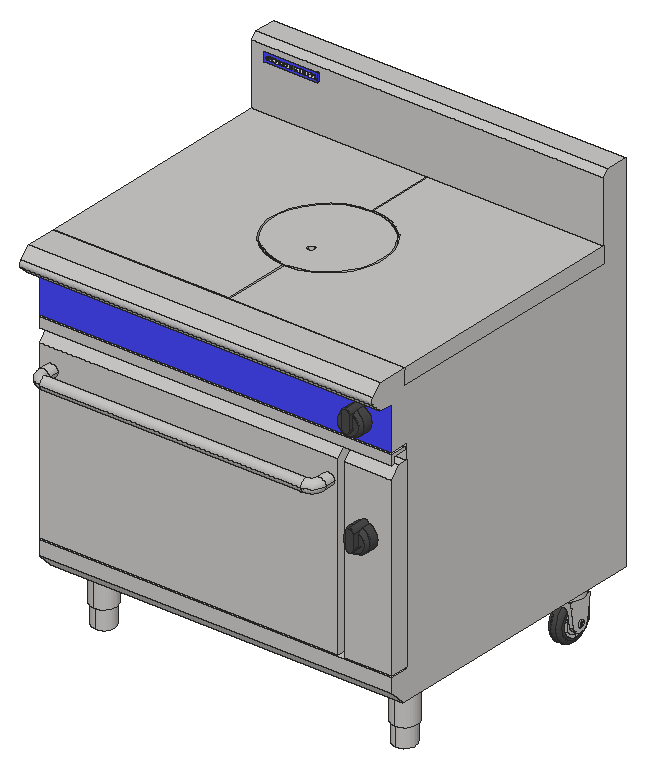
Revit family "QF_MOFFAT_BLUESEAL_CE_G570", category Specialty Equipment, Revit 2012
Parameters
  Width = 900 mm
  Weight in Pounds = 570
  URL Cutsheet = "www.moffat.com"
  URL = "www.moffat.com"
  Type Mark [instance] = ""
  Status [instance] = ""
  Specification by User [instance] = ""
  Specification by Manufacturer = ""
  Show Logo [instance] = yes
  Show Clearance [instance] = yes
  Show Casters [instance] = yes
  Serial Number = ""
  Seismic Rating = ""
  SMACNA No = ""
  Revision Code [instance] = ""
  Omniclass Number and Title = ""
  NAFEM Spec ID Number = ""
  Model = "G570"
  Mechanical Remarks = ""
  Mechanical Connection Type [instance] = ""
  Masterspec = ""
  Manufacturer = "MOFFAT BLUESEAL"
  Legs [instance] = not(Show Casters)  # no
  Item Number [instance] = ""
  Installed By [instance] = ""
  Identify Quantity as Lot [instance] = yes
  Height = 1085 mm
  Gas Size = 3/4"
  Gas RI Height [instance] = 0 mm
  Gas KW [instance] = 20.8
  Gas Input [instance] = 71086.0 Btu/h
  Gas Connection Height = 0 mm
  Furnished By [instance] = ""
  Foodservice Equipment Identifier [instance] = yes
  Description = "900MM GAS TARGET TOP RANGE WITH STATIC OVEN"
  Depth = 812 mm
  CSI MasterFormat = ""
  CSI Master Format = ""
Reference planes
  plane 1 "BACK": y = 0
  plane 2: z = 0
  plane 3 "LEFT": x = 0
  plane 4 "RIGHT": x = 900
  plane 5 "FRONT": y = -812
  plane 6 "TOP": z = 970
  plane 7 "Center Y": x = 450
  plane 8 "Center X": y = -406
  plane 9: x = 280
  plane 10: y = -574.272
  plane 11: x = 60
  plane 12: y = -304.972
  plane 13: y = -364.972
  plane 14: x = 74
  plane 15: x = 834.5
  plane 16: y = -32
  plane 17: z = 655
  plane 18: z = 1085
Forms (mm)
  Extrusion 1, solid, material "QF_Finishes_Stainless Steel"
    sketch origin (0, 0, 0) x (0, 1, 0) y (0, 0, 1)
      loop
        line (0, 1085) -> (-57, 1085) -> (-70, 1072) -> (-70, 875) -> (-705, 875) -> (-705, 915) -> (-783.97, 915) -> (-808.503, 890.467)
        arc (-808.503, 890.467) -> (-812.01, 882) -> (-808.503, 873.533) r 11.974
        line (-808.503, 873.533) -> (-784.97, 850) -> (-749, 850) -> (-749, 740) -> (-699, 740) -> (-699, 222.5) -> (-749, 222.5) -> (-749, 186) -> (-713, 150) -> (0, 150) -> (0, 1085)
      loop
        line (-749, 710) -> (-740.224, 710) -> (-742.613, 726.999) -> (-707.93, 726.999) -> (-707.93, 734.003) -> (-749, 734.003) -> (-749, 710)
    from 0 to 900
  Extrusion 2, solid, material "QF_Finishes_Stainless Steel"
    sketch origin (0, 0, 0) x (0, 1, 0) y (0, 0, 1)
      loop
        line (-70, 915) -> (-705, 915) -> (-705, 875) -> (-70, 875) -> (-70, 915)
    from 0 to 900
  Revolve 3, solid, material "QF_Finishes_Black"
    sketch origin (824.351, 45.874, 0) x (0, 1, 0) y (0, 0, 1)
      loop
        line (-827.874, 829.5) -> (-838.874, 823.651) -> (-838.874, 797) -> (-794.874, 797) -> (-794.874, 802) -> (-804.874, 802) -> (-804.874, 829.5) -> (-827.874, 829.5)
      axis (-838.874, 797) -> (-794.874, 797)
    angle from 0 to 360
  Extrusion 4, solid, material "QF_Finishes_Black"
    sketch origin (676.544, 7, 0) x (1, 0, 0) y (0, 0, 1)
      loop
        line (158.3, 789) -> (158.3, 824)
        arc (158.3, 824) -> (148.3, 834) -> (138.3, 824) r 10
        line (138.3, 824) -> (138.3, 789)
        arc (138.3, 789) -> (148.3, 779) -> (158.3, 789) r 10
    from 759 to 808
  Extrusion 5, void
    sketch origin (0, -72.734, 915) x (1, 0, 0) y (0, -1, 0)
      loop
        line (447.967, 173.281) -> (447.967, -2.734) -> (452.2, -2.734) -> (452.2, 173.283)
        arc (452.2, 173.283) -> (592.5, 315.967) -> (451.798, 458.255) r 142.5
        line (451.798, 458.255) -> (451.798, 632.266) -> (447.7, 632.266) -> (447.7, 458.248)
        arc (447.7, 458.248) -> (307.5, 315.632) -> (447.967, 173.281) r 142.5
      loop
        circle (450, 315.766) r 138
      loop
        circle (450, 370.766) r 8.75
    from 0 to 10
  Revolve 6, solid, material "QF_Finishes_Stainless Steel"
    sketch origin (834.5, -696.126, 0) x (0, 1, 0) y (0, 0, -1)
      loop
        line (39.376, -150) -> (71.126, -150) -> (71.126, 0) -> (43.626, 0) -> (43.626, -50) -> (39.376, -50) -> (39.376, -150)
      axis (71.126, -150) -> (71.126, 0)
    angle from 0 to 360
  Revolve 7, solid, material "QF_Finishes_Stainless Steel"
    sketch origin (65.5, -696.126, 0) x (0, 1, 0) y (0, 0, 1)
      loop
        line (39.376, 150) -> (39.376, 50) -> (43.626, 50) -> (43.626, 0) -> (71.126, 0) -> (71.126, 150) -> (39.376, 150)
      axis (71.126, 150) -> (71.126, 0)
    angle from 0 to 360
  Extrusion 8, solid, material "QF_Finishes_Stainless Steel"
    sketch origin (-64.5, 0, 325) x (1, 0, 0) y (0, 1, 0)
      loop
        circle (834.5, -32) r 10
    from 330 to 411.219
  Extrusion 9, solid, material "QF_Finishes_Stainless Steel", visible <- "Show Casters"
    sketch origin (71.501, 133.353, -8.783) x (0, 1, 0) y (0, 0, 1)
      loop
        line (-201.603, 118.783) -> (-265.103, 118.783) -> (-252.746, 53.895)
        arc (-252.746, 53.895) -> (-233.353, 38.783) -> (-213.959, 53.895) r 20
        line (-213.959, 53.895) -> (-201.603, 118.783)
    from -35.667 to 22.923
  Revolve 10, solid, material "QF_Finishes_Stainless Steel", visible <- "Show Casters"
    sketch origin (65, -203, 0) x (0, 1, 0) y (0, 0, 1)
      loop
        line (67.25, 150) -> (67.25, 110) -> (103, 110) -> (103, 150) -> (67.25, 150)
      axis (103, 150) -> (103, 110)
    angle from 0 to 360
  Revolve 11, solid, material "QF_Finishes_Stainless Steel", visible <- "Show Casters"
    sketch origin (834.5, -203, 0) x (0, 1, 0) y (0, 0, -1)
      loop
        line (67.25, -150) -> (103, -150) -> (103, -110) -> (67.25, -110) -> (67.25, -150)
      axis (103, -150) -> (103, -110)
    angle from 0 to 360
  Revolve 12, solid, material "QF_Finishes_Stainless Steel", visible <- "Show Casters"
    sketch origin (785.276, -99.755, -13.653) x (1, 0, 0) y (0, 0, 1)
      loop
        line (14.841, 64.453) -> (83.584, 64.453) -> (83.584, 67.958) -> (82.314, 69.228) -> (80.79, 69.228) -> (80.79, 72.674) -> (68.644, 72.674) -> (68.644, 82.639) -> (65.088, 84.692) -> (63.738, 93.028) -> (65.881, 93.028) -> (65.881, 99.378) -> (65.088, 99.378) -> (65.088, 105.728)
        arc (65.088, 105.728) -> (62.298, 112.463) -> (55.563, 115.253) r 9.525
        line (55.563, 115.253) -> (42.863, 115.253)
        arc (42.863, 115.253) -> (36.127, 112.463) -> (33.338, 105.728) r 9.525
        line (33.338, 105.728) -> (33.338, 99.378) -> (32.544, 99.378) -> (32.544, 93.028) -> (34.687, 93.028) -> (33.352, 84.781) -> (29.782, 82.719) -> (29.782, 72.674) -> (17.635, 72.674) -> (17.635, 69.228) -> (16.111, 69.228) -> (14.841, 67.958) -> (14.841, 64.453)
      axis (14.841, 64.453) -> (83.584, 64.453)
    angle from 0 to 360
  Extrusion 13, solid, material "QF_Finishes_Stainless Steel", visible <- "Show Casters"
    sketch origin (841.001, 133.353, -8.783) x (0, 1, 0) y (0, 0, 1)
      loop
        line (-201.603, 118.783) -> (-265.103, 118.783) -> (-252.746, 53.895)
        arc (-252.746, 53.895) -> (-233.353, 38.783) -> (-213.959, 53.895) r 20
        line (-213.959, 53.895) -> (-201.603, 118.783)
    from -35.667 to 22.923
  Revolve 14, solid, material "QF_Finishes_Stainless Steel", visible <- "Legs"
    sketch origin (65, -165, 0) x (0, 1, 0) y (0, 0, 1)
      loop
        line (33.25, 150) -> (33.25, 50) -> (37.5, 50) -> (37.5, 0) -> (65, 0) -> (65, 150) -> (33.25, 150)
      axis (65, 150) -> (65, 0)
    angle from 0 to 360
  Revolve 15, solid, material "QF_Finishes_Stainless Steel", visible <- "Legs"
    sketch origin (834.5, -165, 0) x (0, 1, 0) y (0, 0, -1)
      loop
        line (33.25, -150) -> (65, -150) -> (65, 0) -> (37.5, 0) -> (37.5, -50) -> (33.25, -50) -> (33.25, -150)
      axis (65, -150) -> (65, 0)
    angle from 0 to 360
  Revolve 16, solid, material "QF_Finishes_Stainless Steel", visible <- "Show Casters"
    sketch origin (114.224, -99.755, -13.653) x (-1, 0, 0) y (0, 0, -1)
      loop
        line (14.841, -64.453) -> (14.841, -67.958) -> (16.111, -69.228) -> (17.635, -69.228) -> (17.635, -72.674) -> (29.782, -72.674) -> (29.782, -82.719) -> (33.352, -84.781) -> (34.687, -93.028) -> (32.544, -93.028) -> (32.544, -99.378) -> (33.338, -99.378) -> (33.338, -105.728)
        arc (33.338, -105.728) -> (36.127, -112.463) -> (42.863, -115.253) r 9.525
        line (42.863, -115.253) -> (55.563, -115.253)
        arc (55.563, -115.253) -> (62.298, -112.463) -> (65.088, -105.728) r 9.525
        line (65.088, -105.728) -> (65.088, -99.378) -> (65.881, -99.378) -> (65.881, -93.028) -> (63.738, -93.028) -> (65.088, -84.692) -> (68.644, -82.639) -> (68.644, -72.674) -> (80.79, -72.674) -> (80.79, -69.228) -> (82.314, -69.228) -> (83.584, -67.958) -> (83.584, -64.453) -> (14.841, -64.453)
      axis (14.841, -64.453) -> (83.584, -64.453)
    angle from 0 to 360
  Extrusion 17, void
    sketch origin (0, 0, 0) x (1, 0, 0) y (0, 1, 0)
      loop
        line (832.738, -87.26) -> (832.738, 30.24) -> (703.238, 30.24) -> (703.238, -38.76) -> (751.738, -87.26) -> (832.738, -87.26)
    from 200 to 736.219
  Extrusion 18, solid, material "QF_Finishes_Stainless Steel"
    sketch origin (723.5, 0, 0) x (0, 1, 0) y (0, 0, 1)
      loop
        line (-699, 700) -> (-725, 700) -> (-749, 676) -> (-749, 227.5) -> (-699, 227.5) -> (-699, 700)
    from 56.898 to 176.5
  Sweep 19, solid, material "QF_Finishes_Stainless Steel"
    path origin (0, -690.875, 633.125) x (0, -1, 0) y (1, 0, 0)
      loop
        line (50, 31.371) -> (86, 31.371)
        arc (86, 31.371) -> (100.142, 37.229) -> (106, 51.371) r 20
        line (106, 51.371) -> (106, 719.041)
        arc (106, 719.041) -> (100.142, 733.183) -> (86, 739.041) r 20
        line (86, 739.041) -> (50, 739.041)
    profile origin (385.206, -796.875, 633.125) x (0, 1, 0) y (0, 0, 1)
      loop
        circle (0, -10) r 15
  Revolve 20, solid, material "QF_Finishes_Black"
    sketch origin (839.351, 38.874, -263.868) x (0, 1, 0) y (0, 0, 1)
      loop
        line (-820.874, 829.5) -> (-831.874, 823.651) -> (-831.874, 797) -> (-787.874, 797) -> (-787.874, 802) -> (-797.874, 802) -> (-797.874, 829.5) -> (-820.874, 829.5)
      axis (-831.874, 797) -> (-787.874, 797)
    angle from 0 to 360
  Extrusion 21, solid, material "QF_Finishes_Black"
    sketch origin (691.544, 0, -263.868) x (1, 0, 0) y (0, 0, 1)
      loop
        line (158.3, 789) -> (158.3, 824)
        arc (158.3, 824) -> (148.3, 834) -> (138.3, 824) r 10
        line (138.3, 824) -> (138.3, 789)
        arc (138.3, 789) -> (148.3, 779) -> (158.3, 789) r 10
    from 759 to 808
  Extrusion 22, solid, material "QF_Door-Drawer Clearances", visible <- "Show Clearance", detail levels coarse
    sketch origin (0, 0, 0) x (0, -1, 0) y (0, 0, 1)
      loop
        line (749, 697.347) -> (749, 227.5) -> (1218.847, 227.5)
        arc (1218.847, 227.5) -> (1081.232, 559.732) -> (749, 697.347) r 469.847
    from 0 to -762.865
  Extrusion 23, solid, material "QF_Finishes_Stainless Steel"
    sketch origin (0, 0, 0) x (0, 1, 0) y (0, 0, 1)
      loop
        line (-699, 700) -> (-725, 700) -> (-749, 676) -> (-749, 227.5) -> (-699, 227.5) -> (-699, 700)
    from 0 to 762.865
Cuts and joins
  Extrusion 5, Extrusion 17 cuts Extrusion 1
  Extrusion 5 cuts Extrusion 2
  joined: Extrusion 18, Sweep 19, Extrusion 23
Lines and regions (mm)
  Split face 1
    outline origin (900, 0, 1085) x (-1, 0, 0) y (0, -1, 0)
      loop
        arc (856, 18.185) -> (864.66, 23.185) -> (864.66, 33.185) r 10
        line (864.66, 33.185) -> (860.619, 40.185)
        arc (860.619, 40.185) -> (856.959, 43.846) -> (851.959, 45.185) r 10
        line (851.959, 45.185) -> (624, 45.185)
        arc (624, 45.185) -> (615.34, 40.185) -> (615.34, 30.185) r 10
        line (615.34, 30.185) -> (619.381, 23.185)
        arc (619.381, 23.185) -> (623.041, 19.525) -> (628.041, 18.185) r 10
        line (628.041, 18.185) -> (856, 18.185)
  Split face 2
    outline origin (900, 0, 1085) x (-1, 0, 0) y (0, -1, 0)
      loop
        arc (566, 18.185) -> (574.66, 23.185) -> (574.66, 33.185) r 10
        line (574.66, 33.185) -> (570.619, 40.185)
        arc (570.619, 40.185) -> (566.959, 43.846) -> (561.959, 45.185) r 10
        line (561.959, 45.185) -> (334, 45.185)
        arc (334, 45.185) -> (325.34, 40.185) -> (325.34, 30.185) r 10
        line (325.34, 30.185) -> (329.381, 23.185)
        arc (329.381, 23.185) -> (333.041, 19.525) -> (338.041, 18.185) r 10
        line (338.041, 18.185) -> (566, 18.185)
  Split face 3
    outline origin (900, 0, 1085) x (-1, 0, 0) y (0, -1, 0)
      loop
        arc (276, 18.185) -> (284.66, 23.185) -> (284.66, 33.185) r 10
        line (284.66, 33.185) -> (280.619, 40.185)
        arc (280.619, 40.185) -> (276.959, 43.846) -> (271.959, 45.185) r 10
        line (271.959, 45.185) -> (44, 45.185)
        arc (44, 45.185) -> (35.34, 40.185) -> (35.34, 30.185) r 10
        line (35.34, 30.185) -> (39.381, 23.185)
        arc (39.381, 23.185) -> (43.041, 19.525) -> (48.041, 18.185) r 10
        line (48.041, 18.185) -> (276, 18.185)
  Split face 4
    outline origin (738.5, -749, 676) x (0, 0, -1) y (1, 0, 0)
      loop
        circle (241.026, 102.765) r 12
  symbolic lines
    curve 1: line (0, 0, 0) -> (0, -812, 0)
    curve 2: line (900, 0, 0) -> (0, 0, 0)
    curve 3: line (900, -812, 0) -> (900, 0, 0)
    curve 4: line (0, -70, 0) -> (900, -70, 0)
    curve 5: line (900, -812, 0) -> (0, -812, 0)
    curve 6: line (447.967, -72.734, 0) -> (447.967, -246.014, 0)
    curve 7: line (452.2, -246.017, 0) -> (452.2, -72.734, 0)
    curve 8: line (451.798, -705, 0) -> (451.798, -530.989, 0)
    curve 9: line (447.7, -530.981, 0) -> (447.7, -705, 0)
    curve 10: line (900, -72.734, 0) -> (0, -72.734, 0)
    curve 11: line (0, -705, 0) -> (900, -705, 0)
    curve 12: arc (452.2, -246.017, 0) -> (592.5, -388.701, 0) -> (451.798, -530.989, 0) r 142.5
    curve 13: arc (447.7, -530.981, 0) -> (307.5, -388.366, 0) -> (447.967, -246.014, 0) r 142.5
    curve 14: circle (450, -388.5, 0) r 138 normal (0, 0, 1)
    curve 15: arc (458.75, -443.5, 0) -> (450, -452.25, 0) -> (441.25, -443.5, 0) r 8.75
    curve 16: arc (441.25, -443.5, 0) -> (450, -434.75, 0) -> (458.75, -443.5, 0) r 8.75
    curve 17: line (900, -57, 0) -> (0, -57, 0)
    curve 18: line (276, -45.185, 0) -> (48.041, -45.185, 0)
    curve 19: arc (48.041, -45.185, 0) -> (43.041, -43.846, 0) -> (39.381, -40.185, 0) r 10
    curve 20: line (39.381, -40.185, 0) -> (35.34, -33.185, 0)
    curve 21: arc (35.34, -33.185, 0) -> (35.34, -23.185, 0) -> (44, -18.185, 0) r 10
    curve 22: line (44, -18.185, 0) -> (271.959, -18.185, 0)
    curve 23: arc (271.959, -18.185, 0) -> (276.959, -19.525, 0) -> (280.619, -23.185, 0) r 10
    curve 24: line (280.619, -23.185, 0) -> (284.66, -30.185, 0)
    curve 25: arc (284.66, -30.185, 0) -> (284.66, -40.185, 0) -> (276, -45.185, 0) r 10
    curve 26: line (566, -45.185, 0) -> (338.041, -45.185, 0)
    curve 27: arc (338.041, -45.185, 0) -> (333.041, -43.846, 0) -> (329.381, -40.185, 0) r 10
    curve 28: line (329.381, -40.185, 0) -> (325.34, -33.185, 0)
    curve 29: arc (325.34, -33.185, 0) -> (325.34, -23.185, 0) -> (334, -18.185, 0) r 10
    curve 30: line (334, -18.185, 0) -> (561.959, -18.185, 0)
    curve 31: arc (561.959, -18.185, 0) -> (566.959, -19.525, 0) -> (570.619, -23.185, 0) r 10
    curve 32: line (570.619, -23.185, 0) -> (574.66, -30.185, 0)
    curve 33: arc (574.66, -30.185, 0) -> (574.66, -40.185, 0) -> (566, -45.185, 0) r 10
    curve 34: line (856, -45.185, 0) -> (628.041, -45.185, 0)
    curve 35: arc (628.041, -45.185, 0) -> (623.041, -43.846, 0) -> (619.381, -40.185, 0) r 10
    curve 36: line (619.381, -40.185, 0) -> (615.34, -33.185, 0)
    curve 37: arc (615.34, -33.185, 0) -> (615.34, -23.185, 0) -> (624, -18.185, 0) r 10
    curve 38: line (624, -18.185, 0) -> (851.959, -18.185, 0)
    curve 39: arc (851.959, -18.185, 0) -> (856.959, -19.525, 0) -> (860.619, -23.185, 0) r 10
    curve 40: line (860.619, -23.185, 0) -> (864.66, -30.185, 0)
    curve 41: arc (864.66, -30.185, 0) -> (864.66, -40.185, 0) -> (856, -45.185, 0) r 10
    curve 42: line (0, -783.97, 0) -> (900, -783.97, 0)
  symbolic lines, style "QF_Door-Drawer Clearances"
    curve 43: line (0, -1218.847, 0) -> (0, -812, 0)
    curve 44: line (762.865, -812, 0) -> (762.865, -1218.847, 0)
    curve 45: line (762.865, -1218.847, 0) -> (0, -1218.847, 0)
Dimensions and locks
  equal spacing: plane 3 "LEFT", plane 7 "Center Y", plane 4 "RIGHT"
  "Width": plane 3 "LEFT" to plane 4 "RIGHT"
  equal spacing: plane 5 "FRONT", plane 8 "Center X", plane 1 "BACK"
  "Depth": plane 5 "FRONT" to plane 1 "BACK"
  equal spacing: plane 4 "RIGHT", plane 7 "Center Y", plane 3 "LEFT"
  plane 4 "RIGHT" to plane 3 "LEFT" = 900 mm
  plane 5 "FRONT" to plane 1 "BACK" = 812 mm
  plane 10 to plane 1 "BACK" = 574.272 mm
  plane 12 to plane 1 "BACK" = 304.972 mm  (x2)
  plane 11 to plane 3 "LEFT" = 60 mm
  plane 14 to plane 3 "LEFT" = 74 mm
  plane 9 to plane 3 "LEFT" = 280 mm
  plane 6 "TOP" to plane 2 = 970 mm
  plane 17 to level = 655 mm
  Revolve 12 sketch curve to Revolve 12 sketch curve = 50.8 mm
  Revolve 16 sketch curve to Revolve 16 sketch curve = 50.8 mm
  plane 18 to level = 1085 mm  (x2)
  aligned and locked: level to plane 2
  aligned and locked: curve 3 to plane 4 "RIGHT"
  aligned and locked: Extrusion 1 to Extrusion 2  (x2)
Automatic sketch dimensions
  Extrusion 2 sketch curve to plane 5 "FRONT" = 107 mm
  Extrusion 2 sketch curve to plane 16 = 38 mm
  plane 17 to Extrusion 2 sketch curve = 220 mm
  Extrusion 2 sketch curve to Extrusion 2 sketch curve = 40 mm
  Revolve 3 sketch curve to plane 5 "FRONT" = 19 mm
  Revolve 3 sketch curve to Revolve 3 sketch curve = 0 mm  (x2)
  Revolve 3 sketch curve to Revolve 3 sketch curve = 11 mm
  Revolve 3 sketch curve to Revolve 3 sketch curve = 12.7 mm
  Revolve 3 sketch curve to Revolve 3 sketch curve = 23 mm
  Revolve 3 sketch curve to Revolve 3 sketch curve = 10 mm
  plane 17 to Revolve 3 sketch curve = 142 mm
  Revolve 3 sketch curve to Revolve 3 sketch curve = 5 mm
  Revolve 3 sketch curve to Revolve 3 sketch curve = 26.651 mm
  Revolve 3 sketch curve to Revolve 3 sketch curve = 5.849 mm
  Extrusion 4 sketch curve to plane 15 = 19.656 mm
  Extrusion 4 sketch curve to plane 15 = 9.656 mm
  plane 17 to Extrusion 4 sketch curve = 134 mm
  Extrusion 4 sketch curve to Extrusion 4 sketch curve = 35 mm
  Extrusion 8 sketch curve to plane 16 = 0 mm
  Revolve 7 sketch curve to level = 0 mm
  Revolve 7 sketch curve to Revolve 7 sketch curve = 4.25 mm
  Revolve 7 sketch curve to Revolve 7 sketch curve = 27.5 mm
  Revolve 7 sketch curve to plane 10 = 50.728 mm  (x2)
  Revolve 7 sketch curve to level = 55 mm
  Revolve 7 sketch curve to Revolve 7 sketch curve = 50 mm
  Revolve 7 sketch curve to Revolve 7 sketch curve = 0 mm
  Revolve 7 sketch curve to Revolve 7 sketch curve = 100 mm
  Revolve 6 sketch curve to level = 0 mm
  Revolve 6 sketch curve to Revolve 6 sketch curve = 4.25 mm
  Revolve 6 sketch curve to Revolve 6 sketch curve = 27.5 mm
  Revolve 6 sketch curve to plane 10 = 50.728 mm  (x2)
  level to Revolve 6 sketch curve = 50 mm
  Revolve 6 sketch curve to Revolve 6 sketch curve = 0 mm
  Revolve 6 sketch curve to Revolve 6 sketch curve = 55 mm
  Extrusion 5 sketch curve to Extrusion 5 sketch curve = 0 mm  (x4)
  Extrusion 5 sketch curve to Extrusion 2 = 0 mm
  Extrusion 2 to Extrusion 5 sketch curve = 0 mm
  Extrusion 2 to Extrusion 5 sketch curve = 174.019 mm
  Extrusion 2 to Extrusion 5 sketch curve = 447.7 mm
  Extrusion 5 sketch curve to Extrusion 5 sketch curve = 4.098 mm
  Extrusion 5 sketch curve to Extrusion 5 sketch curve = 4.232 mm
  Extrusion 5 sketch curve to Extrusion 5 sketch curve = 0.007 mm
  Extrusion 5 sketch curve to Extrusion 5 sketch curve = 4.481 mm
  Extrusion 5 sketch curve to Extrusion 5 sketch curve = 138 mm
  Extrusion 2 to Extrusion 5 sketch curve = 447.967 mm
  Extrusion 5 sketch curve to Extrusion 5 sketch curve = 2.3 mm
  Extrusion 8 sketch curve to plane 15 = 64.5 mm
  cut or joined group of Extrusion 1, Extrusion 5, Extrusion 17 to Split face 1 sketch curve = 26.815 mm
  Split face 1 sketch curve to cut or joined group of Extrusion 1, Extrusion 5, Extrusion 17 = 284.66 mm
  Split face 1 sketch curve to Split face 1 sketch curve = 4.041 mm  (x4)
  Split face 1 sketch curve to Split face 1 sketch curve = 8.66 mm  (x2)
  cut or joined group of Extrusion 1, Extrusion 5, Extrusion 17 to Split face 1 sketch curve = 11.815 mm
  Split face 1 sketch curve to cut or joined group of Extrusion 1, Extrusion 5, Extrusion 17 = 48.041 mm
  Split face 1 sketch curve to Split face 1 sketch curve = 7 mm  (x3)
  Split face 1 sketch curve to Split face 1 sketch curve = 17 mm
  cut or joined group of Extrusion 1, Extrusion 5, Extrusion 17 to Split face 2 sketch curve = 26.815 mm
  Split face 2 sketch curve to cut or joined group of Extrusion 1, Extrusion 5, Extrusion 17 = 325.34 mm
  Split face 2 sketch curve to Split face 2 sketch curve = 4.041 mm  (x4)
  Split face 2 sketch curve to Split face 2 sketch curve = 8.66 mm  (x2)
  cut or joined group of Extrusion 1, Extrusion 5, Extrusion 17 to Split face 2 sketch curve = 11.815 mm
  Split face 2 sketch curve to Split face 2 sketch curve = 223.917 mm
  Split face 2 sketch curve to Split face 2 sketch curve = 7 mm  (x3)
  Split face 2 sketch curve to Split face 2 sketch curve = 17 mm
  Split face 3 sketch curve to cut or joined group of Extrusion 1, Extrusion 5, Extrusion 17 = 35.34 mm
  Split face 3 sketch curve to Split face 3 sketch curve = 4.041 mm  (x4)
  Split face 3 sketch curve to Split face 3 sketch curve = 8.66 mm  (x2)
  cut or joined group of Extrusion 1, Extrusion 5, Extrusion 17 to Split face 3 sketch curve = 11.815 mm
  Split face 3 sketch curve to Split face 3 sketch curve = 223.917 mm
  Split face 3 sketch curve to Split face 3 sketch curve = 5 mm
  Split face 3 sketch curve to Split face 3 sketch curve = 10 mm
  Split face 3 sketch curve to Split face 3 sketch curve = 7 mm  (x3)
  Extrusion 9 sketch curve to plane 16 = 99.75 mm
  Extrusion 9 sketch curve to Extrusion 9 sketch curve = 12.357 mm
  Extrusion 9 sketch curve to Extrusion 9 sketch curve = 19.393 mm  (x2)
  level to Extrusion 9 sketch curve = 45.111 mm
  Extrusion 9 sketch curve to plane 16 = 36.25 mm
  Extrusion 9 sketch curve to Extrusion 9 sketch curve = 4.889 mm
  Extrusion 9 sketch curve to Extrusion 9 sketch curve = 64.889 mm
  Revolve 10 sketch curve to plane 16 = 103.75 mm
  Revolve 10 sketch curve to plane 16 = 68 mm
  Revolve 10 sketch curve to Revolve 10 sketch curve = 35.75 mm
  Revolve 10 sketch curve to level = 55 mm
  level to Revolve 10 sketch curve = 50 mm
  Revolve 10 sketch curve to Revolve 10 sketch curve = 60 mm
  Revolve 10 sketch curve to Revolve 10 sketch curve = 40 mm
  Revolve 11 sketch curve to plane 16 = 103.75 mm
  Revolve 11 sketch curve to plane 16 = 68 mm
  Revolve 11 sketch curve to Revolve 11 sketch curve = 35.75 mm
  level to Revolve 11 sketch curve = 150 mm
  Revolve 11 sketch curve to Revolve 11 sketch curve = 40 mm
  level to Revolve 11 sketch curve = 50 mm
  Revolve 11 sketch curve to level = 55 mm
  Revolve 12 sketch curve to plane 15 = 34.382 mm
  Revolve 12 sketch curve to Revolve 12 sketch curve = 1.27 mm  (x4)
  Revolve 12 sketch curve to Revolve 12 sketch curve = 1.524 mm  (x2)
  Revolve 12 sketch curve to Revolve 12 sketch curve = 12.146 mm  (x2)
  Revolve 12 sketch curve to plane 15 = 16.68 mm
  Revolve 12 sketch curve to Revolve 12 sketch curve = 0.794 mm  (x2)
  Revolve 12 sketch curve to Revolve 12 sketch curve = 3.57 mm
  Revolve 12 sketch curve to Revolve 12 sketch curve = 2.143 mm
  Revolve 12 sketch curve to plane 15 = 6.361 mm
  plane 15 to Revolve 12 sketch curve = 5.13 mm
  plane 15 to Revolve 12 sketch curve = 6.339 mm
  plane 15 to Revolve 12 sketch curve = 14.515 mm
  Revolve 12 sketch curve to Revolve 12 sketch curve = 1.349 mm  (x2)
  Revolve 12 sketch curve to Revolve 12 sketch curve = 3.556 mm
  Revolve 12 sketch curve to plane 4 "RIGHT" = 2.18 mm
  level to Revolve 12 sketch curve = 50.8 mm
  Revolve 12 sketch curve to Revolve 12 sketch curve = 0 mm
  Revolve 12 sketch curve to Revolve 12 sketch curve = 3.505 mm  (x2)
  Revolve 12 sketch curve to Revolve 12 sketch curve = 3.447 mm  (x2)
  Revolve 12 sketch curve to Revolve 12 sketch curve = 9.964 mm
  Revolve 12 sketch curve to Revolve 12 sketch curve = 10.045 mm
  Revolve 12 sketch curve to Revolve 12 sketch curve = 2.053 mm
  Revolve 12 sketch curve to Revolve 12 sketch curve = 2.061 mm
  Revolve 12 sketch curve to Revolve 12 sketch curve = 8.247 mm
  Revolve 12 sketch curve to Revolve 12 sketch curve = 8.336 mm
  Revolve 12 sketch curve to Revolve 12 sketch curve = 6.35 mm  (x2)
  Extrusion 13 sketch curve to plane 16 = 99.75 mm
  Extrusion 13 sketch curve to Extrusion 13 sketch curve = 12.357 mm
  Extrusion 13 sketch curve to Extrusion 13 sketch curve = 19.393 mm  (x2)
  level to Extrusion 13 sketch curve = 45.111 mm
  Extrusion 13 sketch curve to plane 16 = 36.25 mm
  Extrusion 13 sketch curve to Extrusion 13 sketch curve = 4.889 mm
  Extrusion 13 sketch curve to Extrusion 13 sketch curve = 64.889 mm
  Revolve 14 sketch curve to level = 0 mm
  Revolve 14 sketch curve to plane 16 = 99.75 mm
  Revolve 14 sketch curve to Revolve 14 sketch curve = 4.25 mm
  Revolve 14 sketch curve to Revolve 14 sketch curve = 27.5 mm  (x2)
  Revolve 14 sketch curve to level = 55 mm
  Revolve 14 sketch curve to Revolve 14 sketch curve = 50 mm
  Revolve 14 sketch curve to Revolve 14 sketch curve = 0 mm
  Revolve 14 sketch curve to Revolve 14 sketch curve = 100 mm
  Revolve 15 sketch curve to level = 0 mm
  Revolve 15 sketch curve to plane 16 = 99.75 mm
  Revolve 15 sketch curve to Revolve 15 sketch curve = 4.25 mm
  Revolve 15 sketch curve to Revolve 15 sketch curve = 27.5 mm  (x2)
  level to Revolve 15 sketch curve = 50 mm
  Revolve 15 sketch curve to Revolve 15 sketch curve = 0 mm
  Revolve 15 sketch curve to Revolve 15 sketch curve = 100 mm
  Revolve 15 sketch curve to Revolve 15 sketch curve = 55 mm
  plane 14 to Revolve 16 sketch curve = 25.382 mm
  Revolve 16 sketch curve to Revolve 16 sketch curve = 1.27 mm  (x4)
  Revolve 16 sketch curve to Revolve 16 sketch curve = 1.524 mm  (x2)
  plane 14 to Revolve 16 sketch curve = 10.442 mm
  plane 14 to Revolve 16 sketch curve = 7.68 mm
  Revolve 16 sketch curve to Revolve 16 sketch curve = 0.794 mm  (x2)
  Revolve 16 sketch curve to Revolve 16 sketch curve = 3.57 mm
  Revolve 16 sketch curve to Revolve 16 sketch curve = 2.143 mm
  Revolve 16 sketch curve to plane 14 = 2.639 mm
  Revolve 16 sketch curve to plane 11 = 0.13 mm
  Revolve 16 sketch curve to plane 11 = 1.339 mm
  Revolve 16 sketch curve to plane 11 = 9.515 mm
  Revolve 16 sketch curve to Revolve 16 sketch curve = 1.349 mm  (x2)
  Revolve 16 sketch curve to Revolve 16 sketch curve = 3.556 mm
  Revolve 16 sketch curve to Revolve 16 sketch curve = 12.146 mm
  Revolve 16 sketch curve to plane 3 "LEFT" = 2.68 mm
  level to Revolve 16 sketch curve = 101.6 mm
  Revolve 16 sketch curve to Revolve 16 sketch curve = 6.35 mm  (x4)
  Revolve 16 sketch curve to Revolve 16 sketch curve = 8.247 mm
  Revolve 16 sketch curve to Revolve 16 sketch curve = 8.336 mm
  Revolve 16 sketch curve to Revolve 16 sketch curve = 2.061 mm
  Revolve 16 sketch curve to Revolve 16 sketch curve = 2.053 mm
  Revolve 16 sketch curve to Revolve 16 sketch curve = 10.045 mm
  Revolve 16 sketch curve to Revolve 16 sketch curve = 9.964 mm
  Revolve 16 sketch curve to Revolve 16 sketch curve = 3.447 mm  (x2)
  Revolve 16 sketch curve to Revolve 16 sketch curve = 3.505 mm
  Revolve 6 sketch curve to Revolve 6 sketch curve = 100 mm
  plane 18 to Extrusion 1 sketch curve = 0 mm
  Extrusion 1 sketch curve to plane 16 = 25 mm
  plane 18 to Extrusion 1 sketch curve = 13 mm
  Extrusion 1 sketch curve to Extrusion 1 sketch curve = 13 mm
  Extrusion 1 sketch curve to plane 5 "FRONT" = 107 mm
  Extrusion 1 sketch curve to Extrusion 1 sketch curve = 32.294 mm
  Extrusion 1 sketch curve to Extrusion 1 sketch curve = 2.389 mm
  Extrusion 1 sketch curve to Extrusion 1 sketch curve = 8.776 mm
  Extrusion 1 sketch curve to Extrusion 1 sketch curve = 0 mm
  Extrusion 1 sketch curve to plane 5 "FRONT" = 28.03 mm
  Extrusion 1 sketch curve to plane 5 "FRONT" = 27.03 mm
  Extrusion 1 sketch curve to plane 5 "FRONT" = 11.964 mm
  Extrusion 1 sketch curve to plane 5 "FRONT" = 3.497 mm  (x2)
  Extrusion 1 sketch curve to Extrusion 1 sketch curve = 16.999 mm
  Extrusion 1 sketch curve to Extrusion 1 sketch curve = 7.004 mm
  Extrusion 1 sketch curve to Extrusion 1 sketch curve = 23.533 mm
  Extrusion 1 sketch curve to Extrusion 1 sketch curve = 25 mm
  Extrusion 1 sketch curve to Extrusion 1 sketch curve = 8.467 mm
  Extrusion 1 sketch curve to Extrusion 1 sketch curve = 24.533 mm
  Extrusion 1 sketch curve to plane 5 "FRONT" = 63 mm
  Extrusion 1 sketch curve to Extrusion 1 sketch curve = 5.997 mm
  Extrusion 1 sketch curve to Extrusion 1 sketch curve = 110 mm
  plane 17 to Extrusion 1 sketch curve = 85 mm
  curve 12 to curve 13 = 0 mm  (x2)
  curve 12 to curve 14 = 0 mm  (x2)
  plane 1 "BACK" to curve 1 = 0 mm
  curve 1 to plane 3 "LEFT" = 0 mm
  plane 5 "FRONT" to curve 44 = 0 mm
  curve 13 to plane 7 "Center Y" = 0 mm
  curve 15 to plane 7 "Center Y" = 0 mm
  curve 20 to plane 16 = 1.185 mm
  curve 20 to plane 11 = 24.66 mm
  curve 21 to curve 19 = 4.041 mm
  curve 21 to plane 11 = 16 mm
  curve 19 to curve 19 = 8.66 mm
  curve 23 to plane 9 = 8.041 mm
  curve 25 to plane 9 = 4 mm
  plane 9 to curve 23 = 0.619 mm
  plane 16 to curve 25 = 1.815 mm
  plane 9 to curve 25 = 4.66 mm
  curve 29 to plane 16 = 1.185 mm
  curve 24 to curve 29 = 40.679 mm
  curve 29 to curve 27 = 4.041 mm
  plane 16 to curve 29 = 3.815 mm
  curve 28 to curve 29 = 8.66 mm
  curve 27 to curve 27 = 8.66 mm
  plane 7 "Center Y" to curve 44 = 312.865 mm
  curve 16 to plane 7 "Center Y" = 8.75 mm
  curve 9 to plane 7 "Center Y" = 2.3 mm
  curve 13 to plane 7 "Center Y" = 2.033 mm
  plane 7 "Center Y" to curve 8 = 1.798 mm
  plane 7 "Center Y" to curve 7 = 2.2 mm
  plane 7 "Center Y" to curve 31 = 111.959 mm
  curve 31 to curve 33 = 4.041 mm
  plane 16 to curve 32 = 8.815 mm
  curve 31 to curve 32 = 8.66 mm
  plane 16 to curve 32 = 1.815 mm
  curve 32 to curve 32 = 4.041 mm
  curve 37 to plane 16 = 1.185 mm
  curve 32 to curve 37 = 40.679 mm
  curve 36 to curve 35 = 4.041 mm
  curve 36 to curve 37 = 8.66 mm
  curve 35 to curve 34 = 8.66 mm
  plane 15 to curve 39 = 17.459 mm
  curve 39 to curve 41 = 4.041 mm  (x2)
  plane 16 to curve 40 = 8.815 mm
  curve 39 to curve 40 = 8.66 mm
  plane 16 to curve 41 = 1.815 mm
  curve 44 to curve 44 = 406.847 mm
  curve 42 to plane 5 "FRONT" = 28.03 mm
  curve 42 to curve 11 = 78.97 mm
  plane 10 to curve 8 = 43.284 mm
  curve 12 to curve 13 = 0.007 mm
  curve 16 to plane 8 "Center X" = 37.5 mm
  plane 8 "Center X" to curve 12 = 17.5 mm
  curve 10 to plane 16 = 40.734 mm
  curve 10 to curve 4 = 2.734 mm
  curve 4 to curve 17 = 13 mm
  curve 26 to plane 16 = 13.185 mm
  curve 19 to plane 16 = 13.185 mm
  curve 34 to plane 16 = 13.185 mm
  curve 28 to curve 29 = 7 mm
  curve 36 to curve 36 = 7 mm
  curve 19 to curve 21 = 7 mm
  plane 16 to curve 37 = 3.815 mm
  plane 16 to curve 21 = 3.815 mm
  plane 16 to curve 23 = 3.815 mm
  Extrusion 1 sketch curve to Extrusion 1 sketch curve = 8.93 mm
  Extrusion 1 sketch curve to Extrusion 1 sketch curve = 72.5 mm
  Extrusion 1 sketch curve to Extrusion 1 sketch curve = 36.5 mm
  Extrusion 1 sketch curve to Extrusion 1 sketch curve = 50 mm
  Extrusion 1 sketch curve to Extrusion 1 sketch curve = 36 mm
  Extrusion 1 sketch curve to plane 1 "BACK" = 0 mm
  level to Extrusion 1 sketch curve = 222.5 mm
  Extrusion 17 sketch curve to plane 1 "BACK" = 30.24 mm
  Extrusion 17 sketch curve to plane 15 = 131.262 mm
  Extrusion 17 sketch curve to Extrusion 17 sketch curve = 48.5 mm
  Extrusion 17 sketch curve to plane 15 = 1.762 mm
  Extrusion 17 sketch curve to plane 16 = 6.76 mm
  Extrusion 17 sketch curve to plane 16 = 55.26 mm
  Extrusion 18 sketch curve to Extrusion 18 sketch curve = 24 mm
  Extrusion 18 sketch curve to Extrusion 18 sketch curve = 50 mm
  level to Extrusion 18 sketch curve = 227.5 mm
  Sweep 19 sketch curve to plane 5 "FRONT" = 71.125 mm  (x2)
  Sweep 19 sketch curve to plane 11 = 28.629 mm
  Sweep 19 sketch curve to plane 5 "FRONT" = 35.125 mm  (x2)
  Sweep 19 sketch curve to plane 5 "FRONT" = 15.125 mm
  Sweep 19 sketch curve to plane 15 = 115.459 mm
  Sweep 19 sketch curve to profile plane = 0 mm
  Sweep 19 sketch curve to profile plane = 10 mm
  Split face 4 sketch curve to Extrusion 18 = 58.735 mm
  Split face 4 sketch curve to Extrusion 18 = 207.474 mm
  Revolve 20 sketch curve to plane 5 "FRONT" = 19 mm
  Revolve 20 sketch curve to Revolve 20 sketch curve = 0 mm  (x2)
  Revolve 20 sketch curve to Revolve 20 sketch curve = 11 mm
  Revolve 20 sketch curve to Revolve 20 sketch curve = 12.7 mm
  Revolve 20 sketch curve to Revolve 20 sketch curve = 23 mm
  Revolve 20 sketch curve to Revolve 20 sketch curve = 10 mm
  level to Revolve 20 sketch curve = 533.132 mm
  Revolve 20 sketch curve to Revolve 20 sketch curve = 5 mm
  Revolve 20 sketch curve to Revolve 20 sketch curve = 26.651 mm
  Revolve 20 sketch curve to Revolve 20 sketch curve = 5.849 mm
  Extrusion 21 sketch curve to plane 15 = 4.656 mm
  plane 15 to Extrusion 21 sketch curve = 5.344 mm
  level to Extrusion 21 sketch curve = 525.132 mm
  Extrusion 21 sketch curve to Extrusion 21 sketch curve = 35 mm
  Extrusion 22 sketch curve to plane 5 "FRONT" = 63 mm
  plane 5 "FRONT" to Extrusion 22 sketch curve = 406.847 mm
  level to Extrusion 22 sketch curve = 227.5 mm
  Extrusion 18 sketch curve to plane 5 "FRONT" = 63 mm
  plane 17 to Extrusion 18 sketch curve = 21 mm
  plane 17 to Extrusion 18 sketch curve = 45 mm
  Extrusion 23 sketch curve to Extrusion 23 sketch curve = 24 mm
  Extrusion 23 sketch curve to Extrusion 23 sketch curve = 50 mm
  level to Extrusion 23 sketch curve = 227.5 mm
  Extrusion 23 sketch curve to plane 5 "FRONT" = 63 mm
  plane 17 to Extrusion 23 sketch curve = 21 mm
  plane 17 to Extrusion 23 sketch curve = 45 mm
  radius of Extrusion 8 sketch curve = 10 mm
  radius of curve 14 = 138 mm
  radius of Sweep 19 sketch curve = 15 mm
  radius of Split face 4 sketch curve = 12 mm
Nested families
  nested 1: "WALDORF LOGO_FACE BASE" at (32, -70, 1055.959) x (1, 0, 0) z (0, -1, 0), visible <- "Show Logo", type "WALDORF LOGO_FACE BASE", detail levels medium+fine
    with Show Logo yes
Connectors
  piping at (770, -32, 655)
    settings: on Extrusion 8, index 4, connector radius 0.37402", flow factor 0, pipe flow 0 GPM, pressure drop 0.00 psi, fitting loss kfactor 0, connector angle 0.00°, fixture units 0, engagement length 0 mm, flow configuration 1, flow direction 1, fitting loss method 0, system type 7, joint type 0, gender type 0, connector reference index -1, connector utility 0, adjustable connector no, is connector primary yes, fitting loss table "", connector description "GAS CONNECTION"
Definition of nested family "WALDORF LOGO_FACE BASE"
  Parameters (values of type "WALDORF LOGO_FACE BASE")
    Show Logo [instance] = yes
    Default Elevation = 1219.2 mm
  Reference planes
    plane 1 "Center (Front/Back)": y = 0
    plane 2: z = 0
    plane 3 "Center (Left/Right)": x = 0
  Forms (mm)
    Extrusion 1, solid
      sketch origin (0, 0, 0) x (1, 0, 0) y (0, 1, 0)
        loop
          line (-1219.2, 1219.2) -> (-1219.2, -1219.2) -> (1219.2, -1219.2) -> (1219.2, 1219.2) -> (-1219.2, 1219.2)
      from 0 to -304.8
    Extrusion 2, solid, material "QF_Finishes_Blue", visible <- "Show Logo"
      sketch origin (0, -33.217, 0) x (1, 0, 0) y (0, 1, 0)
        loop
          arc (138, 31.942) -> (137.626, 32.844) -> (136.724, 33.217) r 1.276
          line (136.724, 33.217) -> (1.29, 33.217)
          arc (1.29, 33.217) -> (0.378, 32.839) -> (0, 31.927) r 1.29
          line (0, 31.927) -> (0, 11.507)
          arc (0, 11.507) -> (0.378, 10.595) -> (1.29, 10.217) r 1.29
          line (1.29, 10.217) -> (136.71, 10.217)
          arc (136.71, 10.217) -> (137.622, 10.595) -> (138, 11.507) r 1.29
          line (138, 11.507) -> (138, 31.942)
      from 0 to 1.588
    Extrusion 3, solid, material "QF_Finishes_White", visible <- "Show Logo"
      sketch origin (0, -33.217, 1.588) x (1, 0, 0) y (0, 1, 0)
        loop
          arc (108.946, 25.919) -> (107.613, 25.367) -> (107.061, 24.034) r 1.885
          line (107.061, 24.034) -> (107.061, 17.211) -> (112.704, 17.211) -> (112.704, 19.129) -> (115.546, 19.129) -> (115.546, 17.211) -> (121.584, 17.211) -> (121.584, 24.075)
          arc (121.584, 24.075) -> (121.043, 25.379) -> (119.739, 25.919) r 1.845
          line (119.739, 25.919) -> (108.946, 25.919)
        loop
          line (123.478, 25.919) -> (123.478, 17.163) -> (134.904, 17.163) -> (134.904, 19.129) -> (129.246, 19.129) -> (129.246, 25.919) -> (123.478, 25.919)
        loop
          line (112.704, 21.258) -> (115.546, 21.258) -> (115.546, 22.702)
          arc (115.546, 22.702) -> (115.344, 23.188) -> (114.858, 23.389) r 0.687
          line (114.858, 23.389) -> (113.363, 23.389)
          arc (113.363, 23.389) -> (112.897, 23.196) -> (112.704, 22.73) r 0.658
          line (112.704, 22.73) -> (112.704, 21.258)
        loop
          line (105.071, 25.919) -> (93.771, 25.919) -> (93.771, 17.163) -> (105.071, 17.163) -> (105.071, 19.063) -> (99.535, 19.063) -> (99.535, 20.437) -> (105.071, 20.437) -> (105.071, 22.278) -> (99.535, 22.278) -> (99.535, 23.587) -> (105.071, 23.587) -> (105.071, 25.919)
        loop
          line (91.104, 25.919) -> (79.541, 25.919)
          arc (79.541, 25.919) -> (78.558, 25.513) -> (78.152, 24.53) r 1.389
          line (78.152, 24.53) -> (78.152, 22.08)
          arc (78.152, 22.08) -> (78.558, 21.098) -> (79.541, 20.691) r 1.389
          line (79.541, 20.691) -> (86.346, 20.691) -> (86.346, 18.864) -> (83.266, 18.864) -> (83.266, 19.664) -> (78.152, 19.664) -> (78.152, 18.553)
          arc (78.152, 18.553) -> (78.558, 17.57) -> (79.541, 17.163) r 1.389
          line (79.541, 17.163) -> (91.063, 17.163)
          arc (91.063, 17.163) -> (92.045, 17.57) -> (92.452, 18.553) r 1.389
          line (92.452, 18.553) -> (92.452, 20.691)
          arc (92.452, 20.691) -> (92.045, 21.673) -> (91.063, 22.08) r 1.389
          line (91.063, 22.08) -> (83.266, 22.08) -> (83.266, 23.984) -> (86.346, 23.984) -> (86.346, 22.743) -> (92.452, 22.743) -> (92.452, 24.571)
          arc (92.452, 24.571) -> (92.057, 25.524) -> (91.104, 25.919) r 1.348
        loop
          line (70.705, 25.919) -> (59.405, 25.919) -> (59.405, 17.163) -> (70.705, 17.163) -> (70.705, 19.063) -> (65.169, 19.063) -> (65.169, 20.437) -> (70.705, 20.437) -> (70.705, 22.278) -> (65.169, 22.278) -> (65.169, 23.587) -> (70.705, 23.587) -> (70.705, 25.919)
        loop
          line (57.598, 25.919) -> (51.7, 25.919) -> (51.7, 20.18)
          arc (51.7, 20.18) -> (50.63, 19.11) -> (49.56, 20.18) r 1.07
          line (49.56, 20.18) -> (49.56, 25.919) -> (43.663, 25.919) -> (43.663, 19.049)
          arc (43.663, 19.049) -> (44.215, 17.716) -> (45.548, 17.163) r 1.885
          line (45.548, 17.163) -> (55.71, 17.163)
          arc (55.71, 17.163) -> (57.045, 17.716) -> (57.598, 19.051) r 1.887
          line (57.598, 19.051) -> (57.598, 25.919)
        loop
          line (31.62, 25.919) -> (31.62, 17.163) -> (43.046, 17.163) -> (43.046, 19.129) -> (37.388, 19.129) -> (37.388, 25.919) -> (31.62, 25.919)
        loop
          line (15.969, 25.919) -> (15.969, 17.163) -> (28.693, 17.163)
          arc (28.693, 17.163) -> (29.812, 17.627) -> (30.276, 18.746) r 1.582
          line (30.276, 18.746) -> (30.276, 20.447) -> (29.48, 21.243) -> (30.276, 22.039) -> (30.276, 24.332)
          arc (30.276, 24.332) -> (29.811, 25.454) -> (28.688, 25.919) r 1.587
          line (28.688, 25.919) -> (15.969, 25.919)
        loop
          line (21.449, 24.159) -> (21.449, 22.436) -> (23.862, 22.436)
          arc (23.862, 22.436) -> (24.723, 23.298) -> (23.862, 24.159) r 0.861
          line (23.862, 24.159) -> (21.449, 24.159)
        loop
          line (21.449, 20.244) -> (21.449, 18.522) -> (23.862, 18.522)
          arc (23.862, 18.522) -> (24.723, 19.383) -> (23.862, 20.244) r 0.861
          line (23.862, 20.244) -> (21.449, 20.244)
      from 0 to 0.2
    Extrusion 4, solid, material "QF_Finishes_Blue", visible <- "Show Logo"
      sketch origin (-126.498, -31.09, 1.588) x (1, 0, 0) y (0, 1, 0)
        loop
          line (136.738, 23.522) -> (136.738, 15.1)
          arc (136.738, 15.1) -> (140.756, 19.311) -> (136.738, 23.522) r 4.216
      from 0 to 0.2
    Extrusion 5, solid, material "QF_Finishes_Red", visible <- "Show Logo"
      sketch origin (146.849, -31.09, 1.588) x (-1, 0, 0) y (0, -1, 0)
        loop
          arc (136.738, -23.522) -> (140.756, -19.311) -> (136.738, -15.1) r 4.216
          line (136.738, -15.1) -> (136.738, -23.522)
      from 0 to 0.2
  Lines and regions (mm)
    Split face 1
      outline origin (-90.35, -30.793, 1.588) x (1, 0, 0) y (0, 1, 0)
        loop
          circle (100.54, 19.013) r 4.536
  Dimensions and locks
    aligned and locked: plane 2 to Extrusion 1
    aligned and locked: level to Extrusion 1
